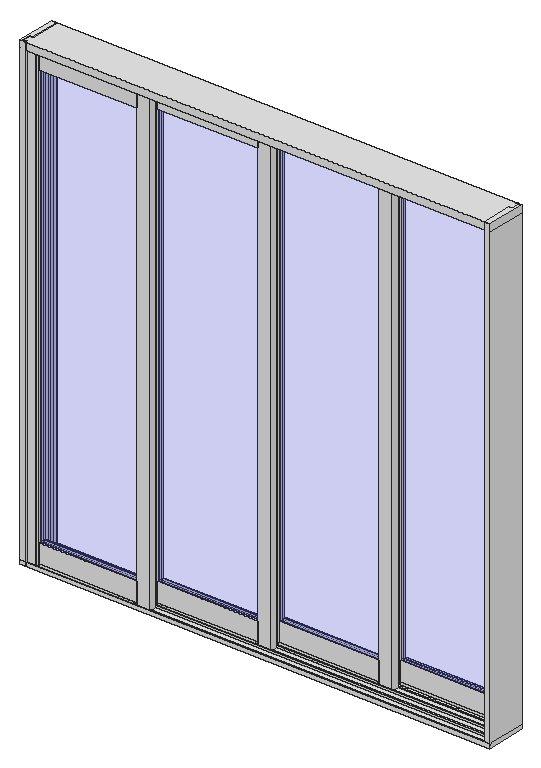
Revit family "Door-Sliding-All_Weather-Series_8100-Single_Parting", category Doors, host Wall, Revit 2026 (continued)
Definition of nested family "Detail-All_Weather-Series_8100_Jamb"
  Lines and regions (in)
    Masking region 17, in view "Ref. Level", visible <- "4 Track", detail levels fine
      outline origin (6, 0, 0) x (1, 0, 0) y (0, 1, 0)
        loop
          line (-1.2987, 2.36763) -> (-1.2987, 2.43838) -> (-1.3484, 2.43838) -> (-1.3484, 2.21972) -> (-1.2987, 2.21972) -> (-1.2987, 2.28862) -> (-1.16316, 2.28122) -> (-1.16316, 2.37517) -> (-1.2987, 2.36763)
        loop
          line (0.46257, 2.36763) -> (0.32703, 2.37517) -> (0.32703, 2.28122) -> (0.46257, 2.28862) -> (0.46257, 2.21972) -> (0.51227, 2.21972) -> (0.51227, 2.43838) -> (0.46257, 2.43838) -> (0.46257, 2.36763)
  Dimensions and locks (in)
    plane 1 "Center (Front/Back)" to plane 3 "Top" = 0' - 1 143/256"
    "Height": plane 3 "Top" to plane 1 "Center (Front/Back)"
    Masking region 1 sketch curve to Masking region 1 sketch curve to plane 4 "Front" to Masking region 1 sketch curve to Masking region 1 sketch curve to Masking region 1 sketch curve to Masking region 1 sketch curve to Masking region 1 sketch curve to Masking region 1 sketch curve to Masking region 1 sketch curve to Masking region 1 sketch curve to Masking region 1 sketch curve to Masking region 1 sketch curve to Masking region 1 sketch curve to Masking region 1 sketch curve to Masking region 1 sketch curve to Masking region 1 sketch curve to Masking region 1 sketch curve to Masking region 1 sketch curve to Masking region 1 sketch curve to Masking region 1 sketch curve to Masking region 1 sketch curve to Masking region 1 sketch curve to Masking region 1 sketch curve to Masking region 1 sketch curve to Masking region 1 sketch curve to Masking region 1 sketch curve to Masking region 1 sketch curve to Masking region 1 sketch curve to Masking region 1 sketch curve to Masking region 1 sketch curve to Masking region 1 sketch curve to Masking region 1 sketch curve to Masking region 1 sketch curve to Masking region 1 sketch curve to Masking region 1 sketch curve to Masking region 1 sketch curve to Masking region 1 sketch curve to Masking region 1 sketch curve to Masking region 1 sketch curve to Masking region 1 sketch curve to Masking region 1 sketch curve to Masking region 1 sketch curve to Masking region 1 sketch curve = 0' - 0" locked, 0' - 0" locked, 0' - 0.04715" locked, 0' - 0.02243" locked, 0' - 0" locked, 0' - 0.02982" locked, 0' - 0" locked, 0' - 0.01988" locked, 0' - 0" locked, 0' - 0.03976" locked, 0' - 0" locked, 0' - 0.00994" locked, 0' - 0.50689" locked, 0' - 0.03081" locked, 0' - 0" locked, 0' - 0.08755" locked, 0' - 0" locked, 0' - 0.04001" locked, 0' - 0" locked, 0' - 0.03941" locked, 0' - 0" locked, 0' - 0.25253" locked, 0' - 0" locked, 0' - 0.03941" locked, 0' - 0" locked, 0' - 0.04001" locked, 0' - 0" locked, 0' - 0.08755" locked, 0' - 0" locked, 0' - 0.03081" locked, 0' - 0.51683" locked, 0' - 0" locked, 0' - 0.03976" locked, 0' - 0" locked, 0' - 0.00994" locked, 0' - 0.03976" locked, 0' - 0" locked, 0' - 0.02243" locked, 0' - 0.04715" locked, 0' - 0" locked, 0' - 0.03705" locked, 0' - 0.01425" locked, 0' - 0.03114" locked
    Masking region 1 sketch curve to Masking region 1 sketch curve to plane 3 "Top" to Masking region 1 sketch curve to Masking region 1 sketch curve to Masking region 1 sketch curve to Masking region 1 sketch curve to Masking region 1 sketch curve to Masking region 1 sketch curve to Masking region 1 sketch curve to Masking region 1 sketch curve to Masking region 1 sketch curve to Masking region 1 sketch curve = 0' - 0" locked, 0' - 0" locked, 0' - 0.06162" locked, 0' - 0" locked, 0' - 0.04771" locked, 0' - 0" locked, 0' - 0.12325" locked, 0' - 0" locked, 0' - 0.04771" locked, 0' - 0" locked, 0' - 0.06162" locked, 0' - 0" locked
    plane 1 "Center (Front/Back)" to Masking region 2 sketch curve to Masking region 2 sketch curve to Masking region 2 sketch curve to Masking region 2 sketch curve to Masking region 2 sketch curve = 0' - 0.06977" locked, 0' - 0" locked, 0' - 0.1143" locked, 0' - 0.11812" locked, 0' - 0" locked
    plane 4 "Front" to Masking region 2 sketch curve to Masking region 2 sketch curve to Masking region 2 sketch curve to Masking region 2 sketch curve to Masking region 2 sketch curve = 0' - 0.16896" locked, 0' - 0.43732" locked, 0' - 0.77538" locked, 0' - 0.43732" locked, 0' - 0.09939" locked
    "Thickness": plane 4 "Front" to plane 5
    plane 4 "Front" to Masking region 4 sketch curve to Masking region 4 sketch curve to Masking region 4 sketch curve to Masking region 4 sketch curve to Masking region 4 sketch curve to Masking region 4 sketch curve to Masking region 4 sketch curve to Masking region 4 sketch curve = 0' - 0.06957" locked, 0' - 0.04969" locked, 0' - 0" locked, 0' - 0.13554" locked, 0' - 1.4902" locked, 0' - 0.13554" locked, 0' - 0" locked, 0' - 0.04969" locked
    plane 3 "Top" to Masking region 4 sketch curve to Masking region 4 sketch curve to Masking region 4 sketch curve to Masking region 4 sketch curve to Masking region 4 sketch curve to Masking region 4 sketch curve to Masking region 4 sketch curve to Masking region 4 sketch curve to Masking region 4 sketch curve to Masking region 4 sketch curve to Masking region 4 sketch curve to Masking region 4 sketch curve = 0' - 0.06162" locked, 0' - 0" locked, 0' - 0.06321" locked, 0' - 0" locked, 0' - 0.00755" locked, 0' - 0" locked, 0' - 0.07901" locked, 0' - 0" locked, 0' - 0.00739" locked, 0' - 0" locked, 0' - 0.06151" locked, 0' - 0" locked
    plane 4 "Front" to Masking region 5 sketch curve to Masking region 5 sketch curve to Masking region 5 sketch curve to Masking region 5 sketch curve to Masking region 5 sketch curve to Masking region 5 sketch curve to Masking region 5 sketch curve to Masking region 5 sketch curve to Masking region 5 sketch curve to Masking region 5 sketch curve to Masking region 5 sketch curve to Masking region 5 sketch curve to Masking region 5 sketch curve to Masking region 5 sketch curve to Masking region 5 sketch curve to Masking region 5 sketch curve to Masking region 5 sketch curve to Masking region 5 sketch curve = 0' - 0.67585" locked, 0' - 0.03081" locked, 0' - 0" locked, 0' - 0.08755" locked, 0' - 0" locked, 0' - 0.04001" locked, 0' - 0" locked, 0' - 0.03941" locked, 0' - 0" locked, 0' - 0.25253" locked, 0' - 0" locked, 0' - 0.03941" locked, 0' - 0" locked, 0' - 0.04001" locked, 0' - 0" locked, 0' - 0.08755" locked, 0' - 0" locked, 0' - 0.03081" locked
    Masking region 5 sketch curve to Masking region 5 sketch curve to Masking region 5 sketch curve to Masking region 5 sketch curve to Masking region 5 sketch curve to Masking region 5 sketch curve to Masking region 5 sketch curve to Masking region 5 sketch curve to Masking region 5 sketch curve to Masking region 5 sketch curve to Masking region 5 sketch curve to Masking region 5 sketch curve to Masking region 5 sketch curve to Masking region 5 sketch curve to Masking region 5 sketch curve to Masking region 5 sketch curve to Masking region 5 sketch curve to Masking region 5 sketch curve = 0' - 0 3/256" locked, 0' - 0" locked, 0' - 0.01988" locked, 0' - 0" locked, 0' - 0.01093" locked, 0' - 0" locked, 0' - 0.0092" locked, 0' - 0" locked, 0' - 0.16349" locked, 0' - 0" locked, 0' - 0.0092" locked, 0' - 0" locked, 0' - 0.01093" locked, 0' - 0" locked, 0' - 0.01988" locked, 0' - 0" locked, 0' - 0.01168" locked
    Masking region 1 sketch curve to Masking region 1 sketch curve to Masking region 1 sketch curve to Masking region 1 sketch curve to Masking region 1 sketch curve to Masking region 1 sketch curve to Masking region 1 sketch curve to Masking region 1 sketch curve to Masking region 1 sketch curve to Masking region 1 sketch curve to Masking region 1 sketch curve to Masking region 1 sketch curve to Masking region 1 sketch curve to Masking region 1 sketch curve to Masking region 1 sketch curve to Masking region 1 sketch curve to Masking region 1 sketch curve to Masking region 1 sketch curve to Masking region 1 sketch curve to Masking region 1 sketch curve to Masking region 1 sketch curve to Masking region 1 sketch curve to Masking region 1 sketch curve to Masking region 1 sketch curve to Masking region 1 sketch curve to Masking region 1 sketch curve to Masking region 1 sketch curve to Masking region 1 sketch curve to Masking region 1 sketch curve to Masking region 1 sketch curve to Masking region 1 sketch curve to plane 1 "Center (Front/Back)" = 0' - 0.06957" locked, 0' - 0.00974" locked, 0' - 0.0242" locked, 0' - 0" locked, 0' - 0.01575" locked, 0' - 0.00974" locked, 0' - 0.02504" locked, 0' - 0" locked, 0' - 0.01988" locked, 0' - 0" locked, 0' - 0.01093" locked, 0' - 0" locked, 0' - 0.00378" locked, 0' - 0.00542" locked, 0' - 0" locked, 0' - 0.09715" locked, 0' - 0.05963" locked, 0' - 0" locked, 0' - 0.0067" locked, 0' - 0" locked, 0' - 0.0092" locked, 0' - 0" locked, 0' - 0.01093" locked, 0' - 0" locked, 0' - 0.01988" locked, 0' - 0" locked, 0' - 0.04646" locked, 0' - 0" locked, 0' - 0.03106" locked, 0' - 0" locked, 0' - 0" locked
    plane 4 "Front" to plane 6 to plane 7 = 0' - 0.99014" locked, 0' - 2" locked
    locked: plane 8 to plane 5 at 1.06903
    Masking region 6 sketch curve to Masking region 6 sketch curve to Masking region 6 sketch curve to Masking region 6 sketch curve to Masking region 6 sketch curve = 0' - 0" locked, 0' - 0.1143" locked, 0' - 0.11812" locked, 0' - 0" locked
    plane 4 "Front" to Masking region 6 sketch curve to Masking region 6 sketch curve to Masking region 6 sketch curve to Masking region 6 sketch curve to Masking region 6 sketch curve = 0' - 2.16896" locked, 0' - 0.43732" locked, 0' - 0.77538" locked, 0' - 0.43732" locked, 0' - 0.09939" locked
    plane 4 "Front" to Masking region 7 sketch curve to Masking region 7 sketch curve to Masking region 7 sketch curve to Masking region 7 sketch curve to Masking region 7 sketch curve to Masking region 7 sketch curve to Masking region 7 sketch curve to Masking region 7 sketch curve to Masking region 7 sketch curve to Masking region 7 sketch curve to Masking region 7 sketch curve to Masking region 7 sketch curve to Masking region 7 sketch curve to Masking region 7 sketch curve to Masking region 7 sketch curve to Masking region 7 sketch curve to Masking region 7 sketch curve to Masking region 7 sketch curve = 0' - 2.67585" locked, 0' - 0.03081" locked, 0' - 0" locked, 0' - 0.08755" locked, 0' - 0" locked, 0' - 0.04001" locked, 0' - 0" locked, 0' - 0.03941" locked, 0' - 0" locked, 0' - 0.25253" locked, 0' - 0" locked, 0' - 0.03941" locked, 0' - 0" locked, 0' - 0.04001" locked, 0' - 0" locked, 0' - 0.08755" locked, 0' - 0" locked, 0' - 0.03081" locked
    Masking region 7 sketch curve to Masking region 7 sketch curve to Masking region 7 sketch curve to Masking region 7 sketch curve to Masking region 7 sketch curve to Masking region 7 sketch curve to Masking region 7 sketch curve to Masking region 7 sketch curve to Masking region 7 sketch curve to Masking region 7 sketch curve to Masking region 7 sketch curve to Masking region 7 sketch curve to Masking region 7 sketch curve to Masking region 7 sketch curve to Masking region 7 sketch curve to Masking region 7 sketch curve to Masking region 7 sketch curve to Masking region 7 sketch curve = 0' - 0 3/256" locked, 0' - 0" locked, 0' - 0.01988" locked, 0' - 0" locked, 0' - 0.01093" locked, 0' - 0" locked, 0' - 0.0092" locked, 0' - 0" locked, 0' - 0.16349" locked, 0' - 0" locked, 0' - 0.0092" locked, 0' - 0" locked, 0' - 0.01093" locked, 0' - 0" locked, 0' - 0.01988" locked, 0' - 0" locked, 0' - 0.01168" locked
    plane 4 "Front" to Masking region 8 sketch curve to Masking region 8 sketch curve to Masking region 8 sketch curve to Masking region 8 sketch curve to Masking region 8 sketch curve to Masking region 8 sketch curve to Masking region 8 sketch curve to Masking region 8 sketch curve to Masking region 8 sketch curve to Masking region 8 sketch curve to Masking region 8 sketch curve to Masking region 8 sketch curve to Masking region 8 sketch curve to Masking region 8 sketch curve to Masking region 8 sketch curve to Masking region 8 sketch curve to Masking region 8 sketch curve to Masking region 8 sketch curve to Masking region 8 sketch curve to Masking region 8 sketch curve to Masking region 8 sketch curve to Masking region 8 sketch curve to Masking region 8 sketch curve to Masking region 8 sketch curve to Masking region 8 sketch curve to Masking region 8 sketch curve to Masking region 8 sketch curve to Masking region 8 sketch curve to Masking region 8 sketch curve to Masking region 8 sketch curve to Masking region 8 sketch curve to Masking region 8 sketch curve to Masking region 8 sketch curve to Masking region 8 sketch curve to Masking region 8 sketch curve to Masking region 8 sketch curve to Masking region 8 sketch curve to Masking region 8 sketch curve to Masking region 8 sketch curve to Masking region 8 sketch curve to Masking region 8 sketch curve to Masking region 8 sketch curve to Masking region 8 sketch curve = 0' - 1.99981" locked, 0' - 0" locked, 0' - 0.04715", 0' - 0.02243" locked, 0' - 0" locked, 0' - 0.02982" locked, 0' - 0" locked, 0' - 0.01988" locked, 0' - 0" locked, 0' - 0.03976" locked, 0' - 0" locked, 0' - 0.00994" locked, 0' - 0.50689" locked, 0' - 0.03081" locked, 0' - 0" locked, 0' - 0.08755" locked, 0' - 0" locked, 0' - 0.04001" locked, 0' - 0" locked, 0' - 0.03941" locked, 0' - 0" locked, 0' - 0.25253" locked, 0' - 0" locked, 0' - 0.03941" locked, 0' - 0" locked, 0' - 0.04001" locked, 0' - 0" locked, 0' - 0.08755" locked, 0' - 0" locked, 0' - 0.03081" locked, 0' - 0.51683" locked, 0' - 0" locked, 0' - 0.03976" locked, 0' - 0" locked, 0' - 0.00994" locked, 0' - 0.03976" locked, 0' - 0" locked, 0' - 0.02243" locked, 0' - 0.04715" locked, 0' - 0" locked, 0' - 0.03705" locked, 0' - 0.01425" locked, 0' - 0.03114" locked
    Masking region 8 sketch curve to Masking region 8 sketch curve to Masking region 8 sketch curve to Masking region 8 sketch curve to Masking region 8 sketch curve to Masking region 8 sketch curve to Masking region 8 sketch curve to Masking region 8 sketch curve to Masking region 8 sketch curve to Masking region 8 sketch curve to Masking region 8 sketch curve to Masking region 8 sketch curve = 0' - 0" locked, 0' - 0.06162", 0' - 0" locked, 0' - 0.04771" locked, 0' - 0" locked, 0' - 0.12325" locked, 0' - 0" locked, 0' - 0.04771" locked, 0' - 0" locked, 0' - 0.06162" locked, 0' - 0" locked
    Masking region 8 sketch curve to Masking region 8 sketch curve to Masking region 8 sketch curve to Masking region 8 sketch curve to Masking region 8 sketch curve to Masking region 8 sketch curve to Masking region 8 sketch curve to Masking region 8 sketch curve to Masking region 8 sketch curve to Masking region 8 sketch curve to Masking region 8 sketch curve to Masking region 8 sketch curve to Masking region 8 sketch curve to Masking region 8 sketch curve to Masking region 8 sketch curve to Masking region 8 sketch curve to Masking region 8 sketch curve to Masking region 8 sketch curve to Masking region 8 sketch curve to Masking region 8 sketch curve to Masking region 8 sketch curve to Masking region 8 sketch curve to Masking region 8 sketch curve to Masking region 8 sketch curve to Masking region 8 sketch curve to Masking region 8 sketch curve to Masking region 8 sketch curve to Masking region 8 sketch curve to Masking region 8 sketch curve to Masking region 8 sketch curve to Masking region 8 sketch curve = 0' - 0.06957" locked, 0' - 0.00974" locked, 0' - 0.0242" locked, 0' - 0" locked, 0' - 0.01575" locked, 0' - 0.00974" locked, 0' - 0.02504" locked, 0' - 0" locked, 0' - 0.01988" locked, 0' - 0" locked, 0' - 0.01093" locked, 0' - 0" locked, 0' - 0.00378" locked, 0' - 0.00542" locked, 0' - 0" locked, 0' - 0.09715" locked, 0' - 0.05963" locked, 0' - 0" locked, 0' - 0.0067" locked, 0' - 0" locked, 0' - 0.0092" locked, 0' - 0" locked, 0' - 0.01093" locked, 0' - 0" locked, 0' - 0.01988" locked, 0' - 0" locked, 0' - 0.04646" locked, 0' - 0" locked, 0' - 0.03106" locked, 0' - 0" locked
    plane 4 "Front" to Masking region 9 sketch curve to Masking region 9 sketch curve to Masking region 9 sketch curve to Masking region 9 sketch curve to Masking region 9 sketch curve to Masking region 9 sketch curve to Masking region 9 sketch curve to Masking region 9 sketch curve = 0' - 2.06957" locked, 0' - 0.04969" locked, 0' - 0" locked, 0' - 0.13554" locked, 0' - 1.4902" locked, 0' - 0.13554" locked, 0' - 0" locked, 0' - 0.04969" locked
    Masking region 9 sketch curve to Masking region 9 sketch curve to Masking region 9 sketch curve to Masking region 9 sketch curve to Masking region 9 sketch curve to Masking region 9 sketch curve to Masking region 9 sketch curve to Masking region 9 sketch curve to Masking region 9 sketch curve to Masking region 9 sketch curve to Masking region 9 sketch curve to Masking region 9 sketch curve = 0' - 0" locked, 0' - 0.06321" locked, 0' - 0" locked, 0' - 0.00755" locked, 0' - 0" locked, 0' - 0.07901" locked, 0' - 0" locked, 0' - 0.00739" locked, 0' - 0" locked, 0' - 0.06151" locked, 0' - 0" locked
    Masking region 10 sketch curve to Masking region 10 sketch curve to Masking region 10 sketch curve to Masking region 10 sketch curve to Masking region 10 sketch curve = 0' - 0" locked, 0' - 0.1143" locked, 0' - 0.11812" locked, 0' - 0" locked
    plane 4 "Front" to Masking region 10 sketch curve to Masking region 10 sketch curve to Masking region 10 sketch curve to Masking region 10 sketch curve to Masking region 10 sketch curve = 0' - 4.16896" locked, 0' - 0.43732" locked, 0' - 0.77538" locked, 0' - 0.43732" locked, 0' - 0.09939" locked
    plane 4 "Front" to Masking region 11 sketch curve to Masking region 11 sketch curve to Masking region 11 sketch curve to Masking region 11 sketch curve to Masking region 11 sketch curve to Masking region 11 sketch curve to Masking region 11 sketch curve to Masking region 11 sketch curve to Masking region 11 sketch curve to Masking region 11 sketch curve to Masking region 11 sketch curve to Masking region 11 sketch curve to Masking region 11 sketch curve to Masking region 11 sketch curve to Masking region 11 sketch curve to Masking region 11 sketch curve to Masking region 11 sketch curve to Masking region 11 sketch curve = 0' - 4.67585" locked, 0' - 0.03081" locked, 0' - 0" locked, 0' - 0.08755" locked, 0' - 0" locked, 0' - 0.04001" locked, 0' - 0" locked, 0' - 0.03941" locked, 0' - 0" locked, 0' - 0.25253" locked, 0' - 0" locked, 0' - 0.03941" locked, 0' - 0" locked, 0' - 0.04001" locked, 0' - 0" locked, 0' - 0.08755" locked, 0' - 0" locked, 0' - 0.03081" locked
    Masking region 11 sketch curve to Masking region 11 sketch curve to Masking region 11 sketch curve to Masking region 11 sketch curve to Masking region 11 sketch curve to Masking region 11 sketch curve to Masking region 11 sketch curve to Masking region 11 sketch curve to Masking region 11 sketch curve to Masking region 11 sketch curve to Masking region 11 sketch curve to Masking region 11 sketch curve to Masking region 11 sketch curve to Masking region 11 sketch curve to Masking region 11 sketch curve to Masking region 11 sketch curve to Masking region 11 sketch curve to Masking region 11 sketch curve = 0' - 0 3/256" locked, 0' - 0" locked, 0' - 0.01988" locked, 0' - 0" locked, 0' - 0.01093" locked, 0' - 0" locked, 0' - 0.0092" locked, 0' - 0" locked, 0' - 0.16349" locked, 0' - 0" locked, 0' - 0.0092" locked, 0' - 0" locked, 0' - 0.01093" locked, 0' - 0" locked, 0' - 0.01988" locked, 0' - 0" locked, 0' - 0.01168" locked
    plane 4 "Front" to Masking region 12 sketch curve to Masking region 12 sketch curve to Masking region 12 sketch curve to Masking region 12 sketch curve to Masking region 12 sketch curve to Masking region 12 sketch curve to Masking region 12 sketch curve to Masking region 12 sketch curve to Masking region 12 sketch curve to Masking region 12 sketch curve to Masking region 12 sketch curve to Masking region 12 sketch curve to Masking region 12 sketch curve to Masking region 12 sketch curve to Masking region 12 sketch curve to Masking region 12 sketch curve to Masking region 12 sketch curve to Masking region 12 sketch curve to Masking region 12 sketch curve to Masking region 12 sketch curve to Masking region 12 sketch curve to Masking region 12 sketch curve to Masking region 12 sketch curve to Masking region 12 sketch curve to Masking region 12 sketch curve to Masking region 12 sketch curve to Masking region 12 sketch curve to Masking region 12 sketch curve to Masking region 12 sketch curve to Masking region 12 sketch curve to Masking region 12 sketch curve to Masking region 12 sketch curve to Masking region 12 sketch curve to Masking region 12 sketch curve to Masking region 12 sketch curve to Masking region 12 sketch curve to Masking region 12 sketch curve to Masking region 12 sketch curve to Masking region 12 sketch curve to Masking region 12 sketch curve to Masking region 12 sketch curve to Masking region 12 sketch curve to Masking region 12 sketch curve = 0' - 3.99981" locked, 0' - 0" locked, 0' - 0.04715", 0' - 0.02243" locked, 0' - 0" locked, 0' - 0.02982" locked, 0' - 0" locked, 0' - 0.01988" locked, 0' - 0" locked, 0' - 0.03976" locked, 0' - 0" locked, 0' - 0.00994" locked, 0' - 0.50689" locked, 0' - 0.03081" locked, 0' - 0" locked, 0' - 0.08755" locked, 0' - 0" locked, 0' - 0.04001" locked, 0' - 0" locked, 0' - 0.03941" locked, 0' - 0" locked, 0' - 0.25253" locked, 0' - 0" locked, 0' - 0.03941" locked, 0' - 0" locked, 0' - 0.04001" locked, 0' - 0" locked, 0' - 0.08755" locked, 0' - 0" locked, 0' - 0.03081" locked, 0' - 0.51683" locked, 0' - 0" locked, 0' - 0.03976" locked, 0' - 0" locked, 0' - 0.00994" locked, 0' - 0.03976" locked, 0' - 0" locked, 0' - 0.02243" locked, 0' - 0.04715" locked, 0' - 0" locked, 0' - 0.03705" locked, 0' - 0.01425" locked, 0' - 0.03114" locked
    Masking region 12 sketch curve to Masking region 12 sketch curve to Masking region 12 sketch curve to Masking region 12 sketch curve to Masking region 12 sketch curve to Masking region 12 sketch curve to Masking region 12 sketch curve to Masking region 12 sketch curve to Masking region 12 sketch curve to Masking region 12 sketch curve to Masking region 12 sketch curve to Masking region 12 sketch curve = 0' - 0" locked, 0' - 0.06162", 0' - 0" locked, 0' - 0.04771" locked, 0' - 0" locked, 0' - 0.12325" locked, 0' - 0" locked, 0' - 0.04771" locked, 0' - 0" locked, 0' - 0.06162" locked, 0' - 0" locked
    Masking region 12 sketch curve to Masking region 12 sketch curve to Masking region 12 sketch curve to Masking region 12 sketch curve to Masking region 12 sketch curve to Masking region 12 sketch curve to Masking region 12 sketch curve to Masking region 12 sketch curve to Masking region 12 sketch curve to Masking region 12 sketch curve to Masking region 12 sketch curve to Masking region 12 sketch curve to Masking region 12 sketch curve to Masking region 12 sketch curve to Masking region 12 sketch curve to Masking region 12 sketch curve to Masking region 12 sketch curve to Masking region 12 sketch curve to Masking region 12 sketch curve to Masking region 12 sketch curve to Masking region 12 sketch curve to Masking region 12 sketch curve to Masking region 12 sketch curve to Masking region 12 sketch curve to Masking region 12 sketch curve to Masking region 12 sketch curve to Masking region 12 sketch curve to Masking region 12 sketch curve to Masking region 12 sketch curve to Masking region 12 sketch curve to Masking region 12 sketch curve = 0' - 0.06957" locked, 0' - 0.00974" locked, 0' - 0.0242" locked, 0' - 0" locked, 0' - 0.01575" locked, 0' - 0.00974" locked, 0' - 0.02504" locked, 0' - 0" locked, 0' - 0.01988" locked, 0' - 0" locked, 0' - 0.01093" locked, 0' - 0" locked, 0' - 0.00378" locked, 0' - 0.00542" locked, 0' - 0" locked, 0' - 0.09715" locked, 0' - 0.05963" locked, 0' - 0" locked, 0' - 0.0067" locked, 0' - 0" locked, 0' - 0.0092" locked, 0' - 0" locked, 0' - 0.01093" locked, 0' - 0" locked, 0' - 0.01988" locked, 0' - 0" locked, 0' - 0.04646" locked, 0' - 0" locked, 0' - 0.03106" locked, 0' - 0" locked
    plane 4 "Front" to Masking region 13 sketch curve to Masking region 13 sketch curve to Masking region 13 sketch curve to Masking region 13 sketch curve to Masking region 13 sketch curve to Masking region 13 sketch curve to Masking region 13 sketch curve to Masking region 13 sketch curve = 0' - 4.06957" locked, 0' - 0.04969" locked, 0' - 0" locked, 0' - 0.13554" locked, 0' - 1.4902" locked, 0' - 0.13554" locked, 0' - 0" locked, 0' - 0.04969" locked
    Masking region 13 sketch curve to Masking region 13 sketch curve to Masking region 13 sketch curve to Masking region 13 sketch curve to Masking region 13 sketch curve to Masking region 13 sketch curve to Masking region 13 sketch curve to Masking region 13 sketch curve to Masking region 13 sketch curve to Masking region 13 sketch curve to Masking region 13 sketch curve to Masking region 13 sketch curve = 0' - 0" locked, 0' - 0.06321" locked, 0' - 0" locked, 0' - 0.00755" locked, 0' - 0" locked, 0' - 0.07901" locked, 0' - 0" locked, 0' - 0.00739" locked, 0' - 0" locked, 0' - 0.06151" locked, 0' - 0" locked
    Masking region 14 sketch curve to Masking region 14 sketch curve to Masking region 14 sketch curve to Masking region 14 sketch curve to Masking region 14 sketch curve = 0' - 0" locked, 0' - 0.1143" locked, 0' - 0.11812" locked, 0' - 0" locked
    plane 4 "Front" to Masking region 14 sketch curve to Masking region 14 sketch curve to Masking region 14 sketch curve to Masking region 14 sketch curve to Masking region 14 sketch curve = 0' - 6.16896" locked, 0' - 0.43732" locked, 0' - 0.77538" locked, 0' - 0.43732" locked, 0' - 0.09939" locked
    plane 4 "Front" to Masking region 15 sketch curve to Masking region 15 sketch curve to Masking region 15 sketch curve to Masking region 15 sketch curve to Masking region 15 sketch curve to Masking region 15 sketch curve to Masking region 15 sketch curve to Masking region 15 sketch curve to Masking region 15 sketch curve to Masking region 15 sketch curve to Masking region 15 sketch curve to Masking region 15 sketch curve to Masking region 15 sketch curve to Masking region 15 sketch curve to Masking region 15 sketch curve to Masking region 15 sketch curve to Masking region 15 sketch curve to Masking region 15 sketch curve = 0' - 6.67585" locked, 0' - 0.03081" locked, 0' - 0" locked, 0' - 0.08755" locked, 0' - 0" locked, 0' - 0.04001" locked, 0' - 0" locked, 0' - 0.03941" locked, 0' - 0" locked, 0' - 0.25253" locked, 0' - 0" locked, 0' - 0.03941" locked, 0' - 0" locked, 0' - 0.04001" locked, 0' - 0" locked, 0' - 0.08755" locked, 0' - 0" locked, 0' - 0.03081" locked
    Masking region 15 sketch curve to Masking region 15 sketch curve to Masking region 15 sketch curve to Masking region 15 sketch curve to Masking region 15 sketch curve to Masking region 15 sketch curve to Masking region 15 sketch curve to Masking region 15 sketch curve to Masking region 15 sketch curve to Masking region 15 sketch curve to Masking region 15 sketch curve to Masking region 15 sketch curve to Masking region 15 sketch curve to Masking region 15 sketch curve to Masking region 15 sketch curve to Masking region 15 sketch curve to Masking region 15 sketch curve to Masking region 15 sketch curve = 0' - 0 3/256" locked, 0' - 0" locked, 0' - 0.01988" locked, 0' - 0" locked, 0' - 0.01093" locked, 0' - 0" locked, 0' - 0.0092" locked, 0' - 0" locked, 0' - 0.16349" locked, 0' - 0" locked, 0' - 0.0092" locked, 0' - 0" locked, 0' - 0.01093" locked, 0' - 0" locked, 0' - 0.01988" locked, 0' - 0" locked, 0' - 0.01168" locked
    plane 4 "Front" to Masking region 16 sketch curve to Masking region 16 sketch curve to Masking region 16 sketch curve to Masking region 16 sketch curve to Masking region 16 sketch curve to Masking region 16 sketch curve to Masking region 16 sketch curve to Masking region 16 sketch curve to Masking region 16 sketch curve to Masking region 16 sketch curve to Masking region 16 sketch curve to Masking region 16 sketch curve to Masking region 16 sketch curve to Masking region 16 sketch curve to Masking region 16 sketch curve to Masking region 16 sketch curve to Masking region 16 sketch curve to Masking region 16 sketch curve to Masking region 16 sketch curve to Masking region 16 sketch curve to Masking region 16 sketch curve to Masking region 16 sketch curve to Masking region 16 sketch curve to Masking region 16 sketch curve to Masking region 16 sketch curve to Masking region 16 sketch curve to Masking region 16 sketch curve to Masking region 16 sketch curve to Masking region 16 sketch curve to Masking region 16 sketch curve to Masking region 16 sketch curve to Masking region 16 sketch curve to Masking region 16 sketch curve to Masking region 16 sketch curve to Masking region 16 sketch curve to Masking region 16 sketch curve to Masking region 16 sketch curve to Masking region 16 sketch curve to Masking region 16 sketch curve to Masking region 16 sketch curve to Masking region 16 sketch curve to Masking region 16 sketch curve to Masking region 16 sketch curve = 0' - 5.99981" locked, 0' - 0" locked, 0' - 0.04715", 0' - 0.02243" locked, 0' - 0" locked, 0' - 0.02982" locked, 0' - 0" locked, 0' - 0.01988" locked, 0' - 0" locked, 0' - 0.03976" locked, 0' - 0" locked, 0' - 0.00994" locked, 0' - 0.50689" locked, 0' - 0.03081" locked, 0' - 0" locked, 0' - 0.08755" locked, 0' - 0" locked, 0' - 0.04001" locked, 0' - 0" locked, 0' - 0.03941" locked, 0' - 0" locked, 0' - 0.25253" locked, 0' - 0" locked, 0' - 0.03941" locked, 0' - 0" locked, 0' - 0.04001" locked, 0' - 0" locked, 0' - 0.08755" locked, 0' - 0" locked, 0' - 0.03081" locked, 0' - 0.51683" locked, 0' - 0" locked, 0' - 0.03976" locked, 0' - 0" locked, 0' - 0.00994" locked, 0' - 0.03976" locked, 0' - 0" locked, 0' - 0.02243" locked, 0' - 0.04715" locked, 0' - 0" locked, 0' - 0.03705" locked, 0' - 0.01425" locked, 0' - 0.03114" locked
    Masking region 16 sketch curve to Masking region 16 sketch curve to Masking region 16 sketch curve to Masking region 16 sketch curve to Masking region 16 sketch curve to Masking region 16 sketch curve to Masking region 16 sketch curve to Masking region 16 sketch curve to Masking region 16 sketch curve to Masking region 16 sketch curve to Masking region 16 sketch curve to Masking region 16 sketch curve = 0' - 0" locked, 0' - 0.06162", 0' - 0" locked, 0' - 0.04771" locked, 0' - 0" locked, 0' - 0.12325" locked, 0' - 0" locked, 0' - 0.04771" locked, 0' - 0" locked, 0' - 0.06162" locked, 0' - 0" locked
    Masking region 16 sketch curve to Masking region 16 sketch curve to Masking region 16 sketch curve to Masking region 16 sketch curve to Masking region 16 sketch curve to Masking region 16 sketch curve to Masking region 16 sketch curve to Masking region 16 sketch curve to Masking region 16 sketch curve to Masking region 16 sketch curve to Masking region 16 sketch curve to Masking region 16 sketch curve to Masking region 16 sketch curve to Masking region 16 sketch curve to Masking region 16 sketch curve to Masking region 16 sketch curve to Masking region 16 sketch curve to Masking region 16 sketch curve to Masking region 16 sketch curve to Masking region 16 sketch curve to Masking region 16 sketch curve to Masking region 16 sketch curve to Masking region 16 sketch curve to Masking region 16 sketch curve to Masking region 16 sketch curve to Masking region 16 sketch curve to Masking region 16 sketch curve to Masking region 16 sketch curve to Masking region 16 sketch curve to Masking region 16 sketch curve to Masking region 16 sketch curve = 0' - 0.06957" locked, 0' - 0.00974" locked, 0' - 0.0242" locked, 0' - 0" locked, 0' - 0.01575" locked, 0' - 0.00974" locked, 0' - 0.02504" locked, 0' - 0" locked, 0' - 0.01988" locked, 0' - 0" locked, 0' - 0.01093" locked, 0' - 0" locked, 0' - 0.00378" locked, 0' - 0.00542" locked, 0' - 0" locked, 0' - 0.09715" locked, 0' - 0.05963" locked, 0' - 0" locked, 0' - 0.0067" locked, 0' - 0" locked, 0' - 0.0092" locked, 0' - 0" locked, 0' - 0.01093" locked, 0' - 0" locked, 0' - 0.01988" locked, 0' - 0" locked, 0' - 0.04646" locked, 0' - 0" locked, 0' - 0.03106" locked, 0' - 0" locked
    plane 4 "Front" to Masking region 17 sketch curve to Masking region 17 sketch curve to Masking region 17 sketch curve to Masking region 17 sketch curve to Masking region 17 sketch curve to Masking region 17 sketch curve to Masking region 17 sketch curve to Masking region 17 sketch curve = 0' - 6.06957" locked, 0' - 0.04969" locked, 0' - 0" locked, 0' - 0.13554" locked, 0' - 1.4902" locked, 0' - 0.13554" locked, 0' - 0" locked, 0' - 0.04969" locked
    Masking region 17 sketch curve to Masking region 17 sketch curve to Masking region 17 sketch curve to Masking region 17 sketch curve to Masking region 17 sketch curve to Masking region 17 sketch curve to Masking region 17 sketch curve to Masking region 17 sketch curve to Masking region 17 sketch curve to Masking region 17 sketch curve to Masking region 17 sketch curve to Masking region 17 sketch curve = 0' - 0" locked, 0' - 0.06321" locked, 0' - 0" locked, 0' - 0.00755" locked, 0' - 0" locked, 0' - 0.07901" locked, 0' - 0" locked, 0' - 0.00739" locked, 0' - 0" locked, 0' - 0.06151" locked, 0' - 0" locked
    aligned and locked: Masking region 3 sketch curve to Masking region 1  (x2)
    aligned and locked: Masking region 3 sketch curve to plane 1 "Center (Front/Back)"
    aligned and locked: Masking region 3 sketch curve to plane 5
  Automatic sketch dimensions
    Masking region 1 sketch curve to plane 4 "Front" = 0' - 0 1/32"
    Masking region 1 sketch curve to plane 4 "Front" = 0' - 0.04179"
    Masking region 5 sketch curve to plane 1 "Center (Front/Back)" = 0' - 0.06581"
    Masking region 6 sketch curve to plane 1 "Center (Front/Back)" = 0' - 0.06977"
    Masking region 7 sketch curve to plane 1 "Center (Front/Back)" = 0' - 0.10833"
    Masking region 8 sketch curve to plane 3 "Top" = 0' - 0"
    plane 1 "Center (Front/Back)" to Masking region 8 sketch curve = 0' - 0"
    Masking region 8 sketch curve to Masking region 8 sketch curve = 0' - 0 1/32"
    Masking region 8 sketch curve to Masking region 8 sketch curve = 0' - 0.01056"
    Masking region 9 sketch curve to plane 3 "Top" = 0' - 0.06162"
    Masking region 10 sketch curve to plane 1 "Center (Front/Back)" = 0' - 0.06977"
    Masking region 11 sketch curve to plane 1 "Center (Front/Back)" = 0' - 0.10833"
    Masking region 12 sketch curve to plane 3 "Top" = 0' - 0"
    plane 1 "Center (Front/Back)" to Masking region 12 sketch curve = 0' - 0"
    Masking region 12 sketch curve to Masking region 12 sketch curve = 0' - 0 1/32"
    Masking region 12 sketch curve to Masking region 12 sketch curve = 0' - 0.01056"
    Masking region 13 sketch curve to plane 3 "Top" = 0' - 0.06162"
    Masking region 14 sketch curve to plane 1 "Center (Front/Back)" = 0' - 0.06977"
    Masking region 15 sketch curve to plane 1 "Center (Front/Back)" = 0' - 0.10833"
    Masking region 16 sketch curve to plane 3 "Top" = 0' - 0"
    plane 1 "Center (Front/Back)" to Masking region 16 sketch curve = 0' - 0"
    Masking region 16 sketch curve to Masking region 16 sketch curve = 0' - 0 1/32"
    Masking region 16 sketch curve to Masking region 16 sketch curve = 0' - 0.01056"
    Masking region 17 sketch curve to plane 3 "Top" = 0' - 0.06162"
Definition of nested family "Detail-All_Weather-Series_8100_Footer"
  Parameters (values of type "Footer")
    URL = "https://www.allweatheraa.com/"
    Type Comments = "5 in Thermal Strut Sliding Glass Door"  # constant formula
    Thickness = 0' - 4"
    Specification = ""
    Profile Offset = 0' - 1 9/256"  # constant formula
    Product Page URL = "https://www.allweatheraa.com/doors/series-8100-sliding-doors/"
    Product Name = "Series 8100"  # constant formula
    Product Documentation Link = "https://www.allweatheraa.com/download/4291/"
    Nail Fin Offset = 0' - 1 33/128"  # constant formula
    Model = "Sliding Door"  # constant formula
    Manufacturer = "All Weather Architectural Aluminum"  # constant formula
    Height = 0' - 0 3/4"  # constant formula
    Glass Thickness = 0' - 1"  # constant formula
    Description = "Footer"  # constant formula
    Assembly Code = "B2020100"
    4 Track = Thickness > 0' 6"  # no
    3 Track = Thickness > 0' 4"  # no
    2 Track = Thickness > 0' 1"  # yes
  Reference planes (in)
    plane 1 "Center (Front/Back)": y = 1.75
    plane 2: z = 0
    plane 3 "Top": y = 2.5
    plane 4 "Front": x = -1.41797
    plane 5: x = 2.58203
    plane 6: x = 1.58203
    plane 7: x = 0.57778
    plane 8: x = 2.57778
    plane 9: x = 4.57778
  Lines and regions (in)
    Masking region 1, in view "Ref. Level", visible <- "2 Track", detail levels medium+fine
      outline origin (-0.0092, 0, 0) x (1, 0, 0) y (0, 1, 0)
        loop
          line (-0.72313, 2.4338) -> (-0.72313, 2.21514) -> (-0.77282, 2.21514) -> (-0.77282, 2.26245) -> (-0.81258, 2.26245) -> (-0.81258, 2.16942) -> (-0.79468, 2.14386) -> (-0.79468, 2.078)
          arc (-0.79468, 2.078) -> (-0.84347, 2.0687) -> (-0.88543, 2.04212) r 0.13269
          arc (-0.88543, 2.04212) -> (-0.88679, 1.99997) -> (-0.84464, 1.99861) r 0.02982
          arc (-0.84464, 1.99861) -> (-0.72179, 1.94041) -> (-0.85133, 1.89919) r 0.07305
          line (-0.85133, 1.89919) -> (-1.34132, 1.93387) -> (-1.34132, 2.15352) -> (-1.24193, 2.15352) -> (-1.24193, 2.26245) -> (-1.28164, 2.26245) -> (-1.28164, 2.21514) -> (-1.33134, 2.21514) -> (-1.33134, 2.4338) -> (-1.28164, 2.4338) -> (-1.28164, 2.38649) -> (-1.24193, 2.38649) -> (-1.24193, 2.49542) -> (-1.40096, 2.49542) -> (-1.40096, 2.09588) -> (-1.43341, 2.09588) -> (-1.44861, 2.14557) -> (-1.48047, 2.14557) -> (-1.48047, 2.0673)
          arc (-1.48047, 2.0673) -> (-1.47137, 2.04534) -> (-1.44941, 2.03624) r 0.03106
          line (-1.44941, 2.03624) -> (-1.40096, 2.03624) -> (-1.40096, 1.78106) -> (-1.35184, 1.78106) -> (-1.35184, 1.87424) -> (-1.29163, 1.87424) -> (-1.29163, 1.75) -> (-1.21212, 1.75) -> (-1.21212, 1.85498) -> (-0.86784, 1.83061) -> (-0.79468, 1.75) -> (-0.52694, 1.75) -> (-0.52694, 1.85004)
          arc (-0.52694, 1.85004) -> (-0.53735, 1.87036) -> (-0.55992, 1.87378) r 0.02503
          line (-0.55992, 1.87378) -> (-0.60618, 1.82752) -> (-0.66248, 1.82752)
          arc (-0.66248, 1.82752) -> (-0.68427, 1.83655) -> (-0.69329, 1.85833) r 0.03081
          line (-0.69329, 1.85833) -> (-0.69329, 2.04022)
          arc (-0.69329, 2.04022) -> (-0.68427, 2.062) -> (-0.66248, 2.07103) r 0.03081
          line (-0.66248, 2.07103) -> (-0.60618, 2.07103) -> (-0.56617, 2.03102)
          arc (-0.56617, 2.03102) -> (-0.5403, 2.02902) -> (-0.52675, 2.05115) r 0.02485
          line (-0.52675, 2.05115) -> (-0.52675, 2.18197) -> (-0.56642, 2.12532) -> (-0.6192, 2.12532) -> (-0.64362, 2.14973) -> (-0.64362, 2.37497) -> (-0.59466, 2.34069) -> (-0.59466, 2.39707) -> (-0.6436, 2.49542) -> (-0.81258, 2.49542) -> (-0.81258, 2.38649) -> (-0.77282, 2.38649) -> (-0.77282, 2.4338) -> (-0.72313, 2.4338)
        loop
          line (-0.08175, 2.4338) -> (-0.03206, 2.4338) -> (-0.03206, 2.38649) -> (0.0077, 2.38649) -> (0.0077, 2.49542) -> (-0.16128, 2.49542) -> (-0.21022, 2.39707) -> (-0.21022, 2.34069) -> (-0.16126, 2.37497) -> (-0.16126, 2.14973) -> (-0.18568, 2.12532) -> (-0.23846, 2.12532) -> (-0.27813, 2.18197) -> (-0.27813, 2.05115)
          arc (-0.27813, 2.05115) -> (-0.26458, 2.02902) -> (-0.23871, 2.03102) r 0.02485
          line (-0.23871, 2.03102) -> (-0.1987, 2.07103) -> (-0.1424, 2.07103)
          arc (-0.1424, 2.07103) -> (-0.12061, 2.062) -> (-0.11159, 2.04022) r 0.03081
          line (-0.11159, 2.04022) -> (-0.11159, 1.85833)
          arc (-0.11159, 1.85833) -> (-0.12061, 1.83655) -> (-0.1424, 1.82752) r 0.03081
          line (-0.1424, 1.82752) -> (-0.1987, 1.82752) -> (-0.24496, 1.87378)
          arc (-0.24496, 1.87378) -> (-0.26753, 1.87036) -> (-0.27794, 1.85004) r 0.02503
          line (-0.27794, 1.85004) -> (-0.27794, 1.75) -> (-0.0102, 1.75) -> (0.06307, 1.83073) -> (0.41589, 1.86225) -> (0.41589, 1.75) -> (0.4954, 1.75) -> (0.4954, 1.87424) -> (0.54696, 1.87424) -> (0.54696, 1.78106) -> (0.59608, 1.78106) -> (0.59608, 1.93387) -> (0.4954, 1.93387) -> (0.4954, 2.15534) -> (0.5515, 2.15534) -> (0.56373, 2.10564) -> (0.59479, 2.10564) -> (0.59479, 2.49542) -> (0.43705, 2.49542) -> (0.43705, 2.38649) -> (0.47676, 2.38649) -> (0.47676, 2.4338) -> (0.52646, 2.4338) -> (0.52646, 2.21514) -> (0.47676, 2.21514) -> (0.47676, 2.26245) -> (0.43705, 2.26245) -> (0.43705, 1.93399) -> (0.04636, 1.89908)
          arc (0.04636, 1.89908) -> (-0.08309, 1.94048) -> (0.03976, 1.99861) r 0.07305
          arc (0.03976, 1.99861) -> (0.08191, 1.99997) -> (0.08055, 2.04212) r 0.02982
          arc (0.08055, 2.04212) -> (0.03859, 2.0687) -> (-0.0102, 2.078) r 0.13269
          line (-0.0102, 2.078) -> (-0.0102, 2.14386) -> (0.0077, 2.16942) -> (0.0077, 2.26245) -> (-0.03206, 2.26245) -> (-0.03206, 2.21514) -> (-0.08175, 2.21514) -> (-0.08175, 2.4338)
    Masking region 2, in view "Ref. Level", visible <- "2 Track", detail levels coarse
      outline origin (0.00781, 0, 0) x (1, 0, 0) y (0, 1, 0)
        loop
          line (-1.41797, 2.5) -> (-1.41797, 1.75) -> (2.57422, 1.75) -> (2.57422, 2.5) -> (-1.41797, 2.5)
    Masking region 3, in view "Ref. Level", visible <- "2 Track", detail levels medium+fine
      outline origin (-0.00776, 0, 0) x (1, 0, 0) y (0, 1, 0)
        loop
          line (-1.28204, 2.36305) -> (-1.28204, 2.4338) -> (-1.33173, 2.4338) -> (-1.33173, 2.21514) -> (-1.28204, 2.21514) -> (-1.28204, 2.28404) -> (-1.1465, 2.27665) -> (-1.1465, 2.3706) -> (-1.28204, 2.36305)
        loop
          line (0.47409, 2.36305) -> (0.33855, 2.3706) -> (0.33855, 2.27665) -> (0.47409, 2.28404) -> (0.47409, 2.21514) -> (0.52378, 2.21514) -> (0.52378, 2.4338) -> (0.47409, 2.4338) -> (0.47409, 2.36305)
    Masking region 4, in view "Ref. Level", visible <- "2 Track", detail levels fine
      outline origin (-0.0092, 0, 0) x (1, 0, 0) y (0, 1, 0)
        loop
          line (-0.52675, 2.12834) -> (-0.52675, 2.05115)
          arc (-0.52675, 2.05115) -> (-0.5403, 2.02902) -> (-0.56617, 2.03102) r 0.02485
          line (-0.56617, 2.03102) -> (-0.60618, 2.07103) -> (-0.66248, 2.07103)
          arc (-0.66248, 2.07103) -> (-0.68427, 2.062) -> (-0.69329, 2.04022) r 0.03081
          line (-0.69329, 2.04022) -> (-0.69329, 1.85833)
          arc (-0.69329, 1.85833) -> (-0.68427, 1.83655) -> (-0.66248, 1.82752) r 0.03081
          line (-0.66248, 1.82752) -> (-0.60618, 1.82752) -> (-0.56617, 1.86753)
          arc (-0.56617, 1.86753) -> (-0.5403, 1.86953) -> (-0.52675, 1.8474) r 0.02485
          line (-0.52675, 1.8474) -> (-0.52675, 1.81581) -> (-0.27813, 1.81581) -> (-0.27813, 1.8474)
          arc (-0.27813, 1.8474) -> (-0.26458, 1.86953) -> (-0.23871, 1.86753) r 0.02485
          line (-0.23871, 1.86753) -> (-0.1987, 1.82752) -> (-0.1424, 1.82752)
          arc (-0.1424, 1.82752) -> (-0.12061, 1.83655) -> (-0.11159, 1.85833) r 0.03081
          line (-0.11159, 1.85833) -> (-0.11159, 2.04022)
          arc (-0.11159, 2.04022) -> (-0.12061, 2.062) -> (-0.1424, 2.07103) r 0.03081
          line (-0.1424, 2.07103) -> (-0.1987, 2.07103) -> (-0.23871, 2.03102)
          arc (-0.23871, 2.03102) -> (-0.26458, 2.02902) -> (-0.27813, 2.05115) r 0.02485
          line (-0.27813, 2.05115) -> (-0.27813, 2.12834) -> (-0.52675, 2.12834)
    Masking region 5, in view "Ref. Level", visible <- "2 Track", detail levels fine
      outline origin (-0.0092, 0, 0) x (1, 0, 0) y (0, 1, 0)
        loop
          line (-0.22135, 2.2299) -> (-0.22135, 2.40314) -> (-0.29872, 2.53225) -> (-0.29872, 2.57578)
          arc (-0.29872, 2.57578) -> (-0.40308, 2.68014) -> (-0.50744, 2.57578) r 0.10436
          line (-0.50744, 2.57578) -> (-0.50744, 2.53225) -> (-0.58472, 2.40314) -> (-0.58472, 2.2299) -> (-0.62137, 2.2299) -> (-0.62137, 2.1592)
          arc (-0.62137, 2.1592) -> (-0.58814, 2.12596) -> (-0.5549, 2.1592) r 0.03323
          line (-0.5549, 2.1592) -> (-0.5549, 2.39229) -> (-0.47763, 2.5214) -> (-0.47763, 2.57578)
          arc (-0.47763, 2.57578) -> (-0.40308, 2.65032) -> (-0.32854, 2.57578) r 0.07454
          line (-0.32854, 2.57578) -> (-0.32854, 2.5214) -> (-0.25127, 2.39229) -> (-0.25127, 2.1592)
          arc (-0.25127, 2.1592) -> (-0.21803, 2.12596) -> (-0.1848, 2.1592) r 0.03323
          line (-0.1848, 2.1592) -> (-0.1848, 2.2299) -> (-0.22135, 2.2299)
    Masking region 6, in view "Ref. Level", visible <- "2 Track", detail levels medium+fine
      outline origin (2.06606, 0, 0) x (1, 0, 0) y (0, 1, 0)
        loop
          line (-0.80264, 2.4338) -> (-0.80264, 2.21514) -> (-0.85234, 2.21514) -> (-0.85234, 2.26245) -> (-0.89209, 2.26245) -> (-0.89209, 2.16942) -> (-0.87419, 2.14386) -> (-0.87419, 2.078)
          arc (-0.87419, 2.078) -> (-0.92298, 2.0687) -> (-0.96494, 2.04212) r 0.13269
          arc (-0.96494, 2.04212) -> (-0.9663, 1.99997) -> (-0.92415, 1.99861) r 0.02982
          arc (-0.92415, 1.99861) -> (-0.8013, 1.94041) -> (-0.93084, 1.89919) r 0.07305
          line (-0.93084, 1.89919) -> (-1.42083, 1.93387) -> (-1.42083, 2.15352) -> (-1.32145, 2.15352) -> (-1.32145, 2.26245) -> (-1.36115, 2.26245) -> (-1.36115, 2.21514) -> (-1.41085, 2.21514) -> (-1.41085, 2.4338) -> (-1.36115, 2.4338) -> (-1.36115, 2.38649) -> (-1.32145, 2.38649) -> (-1.32145, 2.49542) -> (-1.48047, 2.49542) -> (-1.48047, 2.09588) -> (-1.51292, 2.09588) -> (-1.52812, 2.14557) -> (-1.55998, 2.14557) -> (-1.55998, 2.0673)
          arc (-1.55998, 2.0673) -> (-1.55088, 2.04534) -> (-1.52892, 2.03624) r 0.03106
          line (-1.52892, 2.03624) -> (-1.48047, 2.03624) -> (-1.48047, 1.78106) -> (-1.43135, 1.78106) -> (-1.43135, 1.87424) -> (-1.37114, 1.87424) -> (-1.37114, 1.75) -> (-1.29163, 1.75) -> (-1.29163, 1.85498) -> (-0.94735, 1.83061) -> (-0.87419, 1.75) -> (-0.60646, 1.75) -> (-0.60646, 1.85004)
          arc (-0.60646, 1.85004) -> (-0.61686, 1.87036) -> (-0.63943, 1.87378) r 0.02503
          line (-0.63943, 1.87378) -> (-0.68569, 1.82752) -> (-0.74199, 1.82752)
          arc (-0.74199, 1.82752) -> (-0.76378, 1.83655) -> (-0.7728, 1.85833) r 0.03081
          line (-0.7728, 1.85833) -> (-0.7728, 2.04022)
          arc (-0.7728, 2.04022) -> (-0.76378, 2.062) -> (-0.74199, 2.07103) r 0.03081
          line (-0.74199, 2.07103) -> (-0.68569, 2.07103) -> (-0.64568, 2.03102)
          arc (-0.64568, 2.03102) -> (-0.61981, 2.02902) -> (-0.60627, 2.05115) r 0.02485
          line (-0.60627, 2.05115) -> (-0.60627, 2.18197) -> (-0.64593, 2.12532) -> (-0.69871, 2.12532) -> (-0.72313, 2.14973) -> (-0.72313, 2.37497) -> (-0.67417, 2.34069) -> (-0.67417, 2.39707) -> (-0.72311, 2.49542) -> (-0.89209, 2.49542) -> (-0.89209, 2.38649) -> (-0.85234, 2.38649) -> (-0.85234, 2.4338) -> (-0.80264, 2.4338)
        loop
          line (-0.16126, 2.4338) -> (-0.11157, 2.4338) -> (-0.11157, 2.38649) -> (-0.07181, 2.38649) -> (-0.07181, 2.49542) -> (-0.2408, 2.49542) -> (-0.28973, 2.39707) -> (-0.28973, 2.34069) -> (-0.24077, 2.37497) -> (-0.24077, 2.14973) -> (-0.26519, 2.12532) -> (-0.31797, 2.12532) -> (-0.35764, 2.18197) -> (-0.35764, 2.05115)
          arc (-0.35764, 2.05115) -> (-0.34409, 2.02902) -> (-0.31823, 2.03102) r 0.02485
          line (-0.31823, 2.03102) -> (-0.27822, 2.07103) -> (-0.22191, 2.07103)
          arc (-0.22191, 2.07103) -> (-0.20013, 2.062) -> (-0.1911, 2.04022) r 0.03081
          line (-0.1911, 2.04022) -> (-0.1911, 1.85833)
          arc (-0.1911, 1.85833) -> (-0.20013, 1.83655) -> (-0.22191, 1.82752) r 0.03081
          line (-0.22191, 1.82752) -> (-0.27822, 1.82752) -> (-0.32447, 1.87378)
          arc (-0.32447, 1.87378) -> (-0.34704, 1.87036) -> (-0.35745, 1.85004) r 0.02503
          line (-0.35745, 1.85004) -> (-0.35745, 1.75) -> (-0.08971, 1.75) -> (-0.01645, 1.83073) -> (0.33638, 1.86225) -> (0.33638, 1.75) -> (0.41589, 1.75) -> (0.41589, 1.87424) -> (0.46745, 1.87424) -> (0.46745, 1.78106) -> (0.51656, 1.78106) -> (0.51656, 1.93387) -> (0.41589, 1.93387) -> (0.41589, 2.15534) -> (0.47199, 2.15534) -> (0.48422, 2.10564) -> (0.51528, 2.10564) -> (0.51528, 2.49542) -> (0.35754, 2.49542) -> (0.35754, 2.38649) -> (0.39725, 2.38649) -> (0.39725, 2.4338) -> (0.44694, 2.4338) -> (0.44694, 2.21514) -> (0.39725, 2.21514) -> (0.39725, 2.26245) -> (0.35754, 2.26245) -> (0.35754, 1.93399) -> (-0.03315, 1.89908)
          arc (-0.03315, 1.89908) -> (-0.1626, 1.94048) -> (-0.03975, 1.99861) r 0.07305
          arc (-0.03975, 1.99861) -> (0.00239, 1.99997) -> (0.00103, 2.04212) r 0.02982
          arc (0.00103, 2.04212) -> (-0.04092, 2.0687) -> (-0.08971, 2.078) r 0.13269
          line (-0.08971, 2.078) -> (-0.08971, 2.14386) -> (-0.07181, 2.16942) -> (-0.07181, 2.26245) -> (-0.11157, 2.26245) -> (-0.11157, 2.21514) -> (-0.16126, 2.21514) -> (-0.16126, 2.4338)
    Masking region 7, in view "Ref. Level", visible <- "2 Track", detail levels fine
      outline origin (2.06749, 0, 0) x (1, 0, 0) y (0, 1, 0)
        loop
          line (-1.36155, 2.36305) -> (-1.36155, 2.4338) -> (-1.41125, 2.4338) -> (-1.41125, 2.21514) -> (-1.36155, 2.21514) -> (-1.36155, 2.28404) -> (-1.22601, 2.27665) -> (-1.22601, 2.3706) -> (-1.36155, 2.36305)
        loop
          line (0.39458, 2.36305) -> (0.25904, 2.3706) -> (0.25904, 2.27665) -> (0.39458, 2.28404) -> (0.39458, 2.21514) -> (0.44427, 2.21514) -> (0.44427, 2.4338) -> (0.39458, 2.4338) -> (0.39458, 2.36305)
    Masking region 8, in view "Ref. Level", visible <- "2 Track", detail levels fine
      outline origin (2.06606, 0, 0) x (1, 0, 0) y (0, 1, 0)
        loop
          line (-0.60627, 2.12834) -> (-0.60627, 2.05115)
          arc (-0.60627, 2.05115) -> (-0.61981, 2.02902) -> (-0.64568, 2.03102) r 0.02485
          line (-0.64568, 2.03102) -> (-0.68569, 2.07103) -> (-0.74199, 2.07103)
          arc (-0.74199, 2.07103) -> (-0.76378, 2.062) -> (-0.7728, 2.04022) r 0.03081
          line (-0.7728, 2.04022) -> (-0.7728, 1.85833)
          arc (-0.7728, 1.85833) -> (-0.76378, 1.83655) -> (-0.74199, 1.82752) r 0.03081
          line (-0.74199, 1.82752) -> (-0.68569, 1.82752) -> (-0.64568, 1.86753)
          arc (-0.64568, 1.86753) -> (-0.61981, 1.86953) -> (-0.60627, 1.8474) r 0.02485
          line (-0.60627, 1.8474) -> (-0.60627, 1.81581) -> (-0.35764, 1.81581) -> (-0.35764, 1.8474)
          arc (-0.35764, 1.8474) -> (-0.34409, 1.86953) -> (-0.31823, 1.86753) r 0.02485
          line (-0.31823, 1.86753) -> (-0.27822, 1.82752) -> (-0.22191, 1.82752)
          arc (-0.22191, 1.82752) -> (-0.20013, 1.83655) -> (-0.1911, 1.85833) r 0.03081
          line (-0.1911, 1.85833) -> (-0.1911, 2.04022)
          arc (-0.1911, 2.04022) -> (-0.20013, 2.062) -> (-0.22191, 2.07103) r 0.03081
          line (-0.22191, 2.07103) -> (-0.27822, 2.07103) -> (-0.31823, 2.03102)
          arc (-0.31823, 2.03102) -> (-0.34409, 2.02902) -> (-0.35764, 2.05115) r 0.02485
          line (-0.35764, 2.05115) -> (-0.35764, 2.12834) -> (-0.60627, 2.12834)
    Masking region 9, in view "Ref. Level", visible <- "2 Track", detail levels fine
      outline origin (2.06606, 0, 0) x (1, 0, 0) y (0, 1, 0)
        loop
          line (-0.30086, 2.2299) -> (-0.30086, 2.40314) -> (-0.37824, 2.53225) -> (-0.37824, 2.57578)
          arc (-0.37824, 2.57578) -> (-0.4826, 2.68014) -> (-0.58695, 2.57578) r 0.10436
          line (-0.58695, 2.57578) -> (-0.58695, 2.53225) -> (-0.66423, 2.40314) -> (-0.66423, 2.2299) -> (-0.70088, 2.2299) -> (-0.70088, 2.1592)
          arc (-0.70088, 2.1592) -> (-0.66765, 2.12596) -> (-0.63441, 2.1592) r 0.03323
          line (-0.63441, 2.1592) -> (-0.63441, 2.39229) -> (-0.55714, 2.5214) -> (-0.55714, 2.57578)
          arc (-0.55714, 2.57578) -> (-0.4826, 2.65032) -> (-0.40805, 2.57578) r 0.07454
          line (-0.40805, 2.57578) -> (-0.40805, 2.5214) -> (-0.33078, 2.39229) -> (-0.33078, 2.1592)
          arc (-0.33078, 2.1592) -> (-0.29754, 2.12596) -> (-0.26431, 2.1592) r 0.03323
          line (-0.26431, 2.1592) -> (-0.26431, 2.2299) -> (-0.30086, 2.2299)
    Masking region 10, in view "Ref. Level", visible <- "3 Track", detail levels medium+fine
      outline origin (4.06606, 0, 0) x (1, 0, 0) y (0, 1, 0)
        loop
          line (-0.80264, 2.4338) -> (-0.80264, 2.21514) -> (-0.85234, 2.21514) -> (-0.85234, 2.26245) -> (-0.89209, 2.26245) -> (-0.89209, 2.16942) -> (-0.87419, 2.14386) -> (-0.87419, 2.078)
          arc (-0.87419, 2.078) -> (-0.92298, 2.0687) -> (-0.96494, 2.04212) r 0.13269
          arc (-0.96494, 2.04212) -> (-0.9663, 1.99997) -> (-0.92415, 1.99861) r 0.02982
          arc (-0.92415, 1.99861) -> (-0.8013, 1.94041) -> (-0.93084, 1.89919) r 0.07305
          line (-0.93084, 1.89919) -> (-1.42083, 1.93387) -> (-1.42083, 2.15352) -> (-1.32145, 2.15352) -> (-1.32145, 2.26245) -> (-1.36115, 2.26245) -> (-1.36115, 2.21514) -> (-1.41085, 2.21514) -> (-1.41085, 2.4338) -> (-1.36115, 2.4338) -> (-1.36115, 2.38649) -> (-1.32145, 2.38649) -> (-1.32145, 2.49542) -> (-1.48047, 2.49542) -> (-1.48047, 2.09588) -> (-1.51292, 2.09588) -> (-1.52812, 2.14557) -> (-1.55998, 2.14557) -> (-1.55998, 2.0673)
          arc (-1.55998, 2.0673) -> (-1.55088, 2.04534) -> (-1.52892, 2.03624) r 0.03106
          line (-1.52892, 2.03624) -> (-1.48047, 2.03624) -> (-1.48047, 1.78106) -> (-1.43135, 1.78106) -> (-1.43135, 1.87424) -> (-1.37114, 1.87424) -> (-1.37114, 1.75) -> (-1.29163, 1.75) -> (-1.29163, 1.85498) -> (-0.94735, 1.83061) -> (-0.87419, 1.75) -> (-0.60646, 1.75) -> (-0.60646, 1.85004)
          arc (-0.60646, 1.85004) -> (-0.61686, 1.87036) -> (-0.63943, 1.87378) r 0.02503
          line (-0.63943, 1.87378) -> (-0.68569, 1.82752) -> (-0.74199, 1.82752)
          arc (-0.74199, 1.82752) -> (-0.76378, 1.83655) -> (-0.7728, 1.85833) r 0.03081
          line (-0.7728, 1.85833) -> (-0.7728, 2.04022)
          arc (-0.7728, 2.04022) -> (-0.76378, 2.062) -> (-0.74199, 2.07103) r 0.03081
          line (-0.74199, 2.07103) -> (-0.68569, 2.07103) -> (-0.64568, 2.03102)
          arc (-0.64568, 2.03102) -> (-0.61981, 2.02902) -> (-0.60627, 2.05115) r 0.02485
          line (-0.60627, 2.05115) -> (-0.60627, 2.18197) -> (-0.64593, 2.12532) -> (-0.69871, 2.12532) -> (-0.72313, 2.14973) -> (-0.72313, 2.37497) -> (-0.67417, 2.34069) -> (-0.67417, 2.39707) -> (-0.72311, 2.49542) -> (-0.89209, 2.49542) -> (-0.89209, 2.38649) -> (-0.85234, 2.38649) -> (-0.85234, 2.4338) -> (-0.80264, 2.4338)
        loop
          line (-0.16126, 2.4338) -> (-0.11157, 2.4338) -> (-0.11157, 2.38649) -> (-0.07181, 2.38649) -> (-0.07181, 2.49542) -> (-0.2408, 2.49542) -> (-0.28973, 2.39707) -> (-0.28973, 2.34069) -> (-0.24077, 2.37497) -> (-0.24077, 2.14973) -> (-0.26519, 2.12532) -> (-0.31797, 2.12532) -> (-0.35764, 2.18197) -> (-0.35764, 2.05115)
          arc (-0.35764, 2.05115) -> (-0.34409, 2.02902) -> (-0.31823, 2.03102) r 0.02485
          line (-0.31823, 2.03102) -> (-0.27822, 2.07103) -> (-0.22191, 2.07103)
          arc (-0.22191, 2.07103) -> (-0.20013, 2.062) -> (-0.1911, 2.04022) r 0.03081
          line (-0.1911, 2.04022) -> (-0.1911, 1.85833)
          arc (-0.1911, 1.85833) -> (-0.20013, 1.83655) -> (-0.22191, 1.82752) r 0.03081
          line (-0.22191, 1.82752) -> (-0.27822, 1.82752) -> (-0.32447, 1.87378)
          arc (-0.32447, 1.87378) -> (-0.34704, 1.87036) -> (-0.35745, 1.85004) r 0.02503
          line (-0.35745, 1.85004) -> (-0.35745, 1.75) -> (-0.08971, 1.75) -> (-0.01645, 1.83073) -> (0.33638, 1.86225) -> (0.33638, 1.75) -> (0.41589, 1.75) -> (0.41589, 1.87424) -> (0.46745, 1.87424) -> (0.46745, 1.78106) -> (0.51656, 1.78106) -> (0.51656, 1.93387) -> (0.41589, 1.93387) -> (0.41589, 2.15534) -> (0.47199, 2.15534) -> (0.48422, 2.10564) -> (0.51528, 2.10564) -> (0.51528, 2.49542) -> (0.35754, 2.49542) -> (0.35754, 2.38649) -> (0.39725, 2.38649) -> (0.39725, 2.4338) -> (0.44694, 2.4338) -> (0.44694, 2.21514) -> (0.39725, 2.21514) -> (0.39725, 2.26245) -> (0.35754, 2.26245) -> (0.35754, 1.93399) -> (-0.03315, 1.89908)
          arc (-0.03315, 1.89908) -> (-0.1626, 1.94048) -> (-0.03975, 1.99861) r 0.07305
          arc (-0.03975, 1.99861) -> (0.00239, 1.99997) -> (0.00103, 2.04212) r 0.02982
          arc (0.00103, 2.04212) -> (-0.04092, 2.0687) -> (-0.08971, 2.078) r 0.13269
          line (-0.08971, 2.078) -> (-0.08971, 2.14386) -> (-0.07181, 2.16942) -> (-0.07181, 2.26245) -> (-0.11157, 2.26245) -> (-0.11157, 2.21514) -> (-0.16126, 2.21514) -> (-0.16126, 2.4338)
    Masking region 11, in view "Ref. Level", visible <- "3 Track", detail levels fine
      outline origin (4.06749, 0, 0) x (1, 0, 0) y (0, 1, 0)
        loop
          line (-1.36155, 2.36305) -> (-1.36155, 2.4338) -> (-1.41125, 2.4338) -> (-1.41125, 2.21514) -> (-1.36155, 2.21514) -> (-1.36155, 2.28404) -> (-1.22601, 2.27665) -> (-1.22601, 2.3706) -> (-1.36155, 2.36305)
        loop
          line (0.39458, 2.36305) -> (0.25904, 2.3706) -> (0.25904, 2.27665) -> (0.39458, 2.28404) -> (0.39458, 2.21514) -> (0.44427, 2.21514) -> (0.44427, 2.4338) -> (0.39458, 2.4338) -> (0.39458, 2.36305)
    Masking region 12, in view "Ref. Level", visible <- "3 Track", detail levels fine
      outline origin (4.06606, 0, 0) x (1, 0, 0) y (0, 1, 0)
        loop
          line (-0.60627, 2.12834) -> (-0.60627, 2.05115)
          arc (-0.60627, 2.05115) -> (-0.61981, 2.02902) -> (-0.64568, 2.03102) r 0.02485
          line (-0.64568, 2.03102) -> (-0.68569, 2.07103) -> (-0.74199, 2.07103)
          arc (-0.74199, 2.07103) -> (-0.76378, 2.062) -> (-0.7728, 2.04022) r 0.03081
          line (-0.7728, 2.04022) -> (-0.7728, 1.85833)
          arc (-0.7728, 1.85833) -> (-0.76378, 1.83655) -> (-0.74199, 1.82752) r 0.03081
          line (-0.74199, 1.82752) -> (-0.68569, 1.82752) -> (-0.64568, 1.86753)
          arc (-0.64568, 1.86753) -> (-0.61981, 1.86953) -> (-0.60627, 1.8474) r 0.02485
          line (-0.60627, 1.8474) -> (-0.60627, 1.81581) -> (-0.35764, 1.81581) -> (-0.35764, 1.8474)
          arc (-0.35764, 1.8474) -> (-0.34409, 1.86953) -> (-0.31823, 1.86753) r 0.02485
          line (-0.31823, 1.86753) -> (-0.27822, 1.82752) -> (-0.22191, 1.82752)
          arc (-0.22191, 1.82752) -> (-0.20013, 1.83655) -> (-0.1911, 1.85833) r 0.03081
          line (-0.1911, 1.85833) -> (-0.1911, 2.04022)
          arc (-0.1911, 2.04022) -> (-0.20013, 2.062) -> (-0.22191, 2.07103) r 0.03081
          line (-0.22191, 2.07103) -> (-0.27822, 2.07103) -> (-0.31823, 2.03102)
          arc (-0.31823, 2.03102) -> (-0.34409, 2.02902) -> (-0.35764, 2.05115) r 0.02485
          line (-0.35764, 2.05115) -> (-0.35764, 2.12834) -> (-0.60627, 2.12834)
    Masking region 13, in view "Ref. Level", visible <- "3 Track", detail levels fine
      outline origin (4.06606, 0, 0) x (1, 0, 0) y (0, 1, 0)
        loop
          line (-0.30086, 2.2299) -> (-0.30086, 2.40314) -> (-0.37824, 2.53225) -> (-0.37824, 2.57578)
          arc (-0.37824, 2.57578) -> (-0.4826, 2.68014) -> (-0.58695, 2.57578) r 0.10436
          line (-0.58695, 2.57578) -> (-0.58695, 2.53225) -> (-0.66423, 2.40314) -> (-0.66423, 2.2299) -> (-0.70088, 2.2299) -> (-0.70088, 2.1592)
          arc (-0.70088, 2.1592) -> (-0.66765, 2.12596) -> (-0.63441, 2.1592) r 0.03323
          line (-0.63441, 2.1592) -> (-0.63441, 2.39229) -> (-0.55714, 2.5214) -> (-0.55714, 2.57578)
          arc (-0.55714, 2.57578) -> (-0.4826, 2.65032) -> (-0.40805, 2.57578) r 0.07454
          line (-0.40805, 2.57578) -> (-0.40805, 2.5214) -> (-0.33078, 2.39229) -> (-0.33078, 2.1592)
          arc (-0.33078, 2.1592) -> (-0.29754, 2.12596) -> (-0.26431, 2.1592) r 0.03323
          line (-0.26431, 2.1592) -> (-0.26431, 2.2299) -> (-0.30086, 2.2299)
